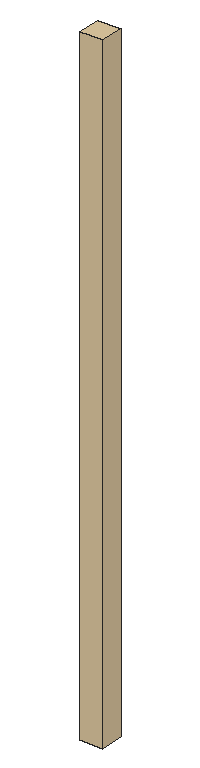
Revit family "28_CC_MOD_kolom_hout", category Structural Columns, Revit 2011
Parameters (values of type "89x89")
  dikte = 88.9 mm
  breedte = 88.9 mm
  Column Material [instance] = Wood - Dimensional Lumber
  Assembly Code = ""
  A = 0.008 m²
  Ix = 127.05
  Iy = 127.1
  Sx = 1919
  Sy = 117
Reference planes
  plane 1 "Center (Front/Back)": y = 0
  plane 2: z = 0
  plane 3 "Center (Left/Right)": x = 0
  plane 4: x = -44.45
  plane 5: x = 44.45
  plane 6: y = 44.45
  plane 7: y = -44.45
Forms (mm)
  Extrusion 1, solid, material "Wood - Dimensional Lumber" <- "Column Material", detail levels medium+fine
    sketch origin (0, 0, 0) x (1, 0, 0) y (0, 1, 0)
      loop
        line (-44.45, 44.45) -> (-44.45, -44.45) -> (44.45, -44.45) -> (44.45, 44.45) -> (-44.45, 44.45)
    from 0 to 2500
Lines and regions (mm)
  symbolic lines, style "StructuralColumnStickSymbols", detail levels coarse
    curve 1: line (-44.45, 44.45, 0) -> (44.45, 44.45, 0)
    curve 2: line (-44.45, -44.45, 0) -> (44.45, -44.45, 0)
    curve 3: line (-44.45, 44.45, 0) -> (-44.45, -44.45, 0)
    curve 4: line (44.45, 44.45, 0) -> (44.45, -44.45, 0)
Dimensions and locks
  equal spacing: plane 4, plane 3 "Center (Left/Right)", plane 5
  equal spacing: plane 7, plane 1 "Center (Front/Back)", plane 6
  "dikte": plane 7 to plane 6
  "breedte": plane 4 to plane 5
  aligned and locked: plane 6 to Extrusion 1 sketch curve
  aligned and locked: Extrusion 1 sketch curve to plane 7
  aligned and locked: Extrusion 1 sketch curve to plane 4
  aligned and locked: plane 5 to Extrusion 1 sketch curve
  aligned and locked: level to Extrusion 1
  aligned and locked: level to plane 2
  aligned and locked: Extrusion 1 to plane 2
Automatic sketch dimensions
  curve 3 to plane 4 = 0 mm
  curve 4 to plane 5 = 0 mm
  curve 3 to plane 7 = 0 mm
  curve 3 to plane 6 = 0 mm
Types in the file's own list only (23): name | dikte | breedte | A | Ix | Iy | Sx | Sy
  38x64 | 64 mm | 38 mm | 0.00 m² | 19.844 | 7.14 | 419.6 | 15.36
  38x89 | 89 mm | 38 mm | 0.00 m² | 54.451 | 10 | 822.4 | 21.51
  38x114 | 114 mm | 38 mm | 0.00 m² | 115.73 | 12.86 | 1359 | 27.65
  38x140 | 140 mm | 38 mm | 0.01 m² | 211.3 | 15.72 | 2031 | 33.8
  38x184 | 184 mm | 38 mm | 0.01 m² | 483.97 | 20.72 | 3529 | 44.55
  38x235 | 235 mm | 38 mm | 0.01 m² | 1005.15 | 26.43 | 5744 | 56.84
  38x286 | 286 mm | 38 mm | 0.01 m² | 1808.3 | 32.15 | 8497 | 69.13
  38x337 | 337 mm | 38 mm | 0.01 m² | 2954.3 | 37.86 | 11786 | 81.42
  64x89 | 89 mm | 64 mm | 0.01 m² | 90.752 | 46.3 | 1371 | 59.74
  64x114 | 114 mm | 64 mm | 0.01 m² | 192.88 | 59.53 | 2266 | 76.81
  64x140 | 140 mm | 64 mm | 0.01 m² | 352.16 | 72.76 | 3385 | 93.88
  64x184 | 184 mm | 64 mm | 0.01 m² | 806.62 | 95.91 | 5881 | 123.8
  64x235 | 235 mm | 64 mm | 0.01 m² | 1675.2 | 122.4 | 9574 | 157.9
  64x286 | 286 mm | 64 mm | 0.02 m² | 3013.8 | 148.8 | 14161 | 192
  64x337 | 337 mm | 64 mm | 0.02 m² | 4923.8 | 175.3 | 19644 | 226
  64x387 | 387 mm | 64 mm | 0.02 m² | 7506.900000 | 201.7 | 26021 | 260
  89x114 | 114 mm | 89 mm | 0.01 m² | 270.03 | 163.4 | 3172 | 151
  89x140 | 140 mm | 89 mm | 0.01 m² | 493.02 | 199.7 | 4739 | 184
  89x184 | 184 mm | 89 mm | 0.02 m² | 1129.3 | 263.2 | 8234 | 243
  89x235 | 235 mm | 89 mm | 0.02 m² | 2345.3 | 335.8 | 13403 | 309
  89x286 | 286 mm | 89 mm | 0.03 m² | 4219.3 | 408.4 | 19825 | 376
  89x337 | 343 mm | 89 mm | 0.03 m² | 7290.900000 | 490.1 | 28549 | 452
  89x387 | 394 mm | 89 mm | 0.04 m² | 11035 | 562.7 | 37634 | 519
